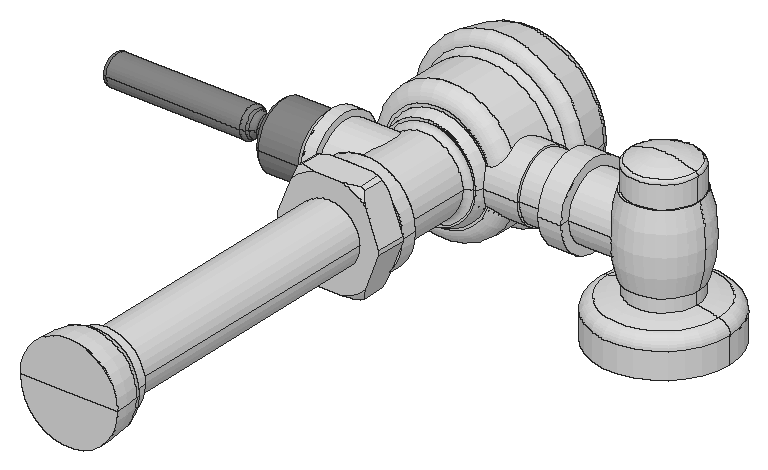
Revit family "Plumbing-Valves-Sloan-ROYAL-111z1", category Plumbing Fixtures, host Face, Revit 2019
Family settings
  Host = Face
  Round Connector Dimension = Use Diameter
  Part Type = Normal
  OmniClass Number = 23.45.05.14.99
  OmniClass Title = Other Sanitary Washing Plumbing Fixtures
  Cut with Voids When Loaded = No
  Shared = No
  Room Calculation Point = No
Parameters (values of type "Not a Type - Load Type Catalog!")
  Water Inlet Connection Diameter = 1"  # constant formula
  Waste Connection = no
  WFU = 0
  Vent Connection = no
  Valve Pressure Drop = 0.00 psi
  URL = "www.sloanvalve.com"
  Product data url = "https://www.bimobject.com/sloan_valve/product/flushometers_royal-111"
  Product Material = Sloan Valve - Finish - Polished Chrome
  Product Guid = ""
  Part Number = ""
  Operating Water Pressure = "15 – 80 PSI (103 – 552 kPa)"  # constant formula
  Model = "Model not specified - Load type catalog!"
  Manufacturer = "Sloan Valve"  # constant formula
  Keynote = "15410"
  Height = 14"  # constant formula
  HWFU = 0
  HW Connection = no
  Flush Rate = "1.6/1.1 gpf (6.0/4.2 Lpf)"
  Edition number = 1
  Description = ""
  Default Elevation = 0"
  Centerline of Supply to Centerline of Valve = 4 3/4"  # constant formula
  Centerline of Supply from Top of Fixture = 11 1/2"  # constant formula
  CWFU = 0
  CW Connection = yes
  Assembly Code = "D2020300"
Reference planes (in)
  plane 1 "Center (Front/Back)": y = 0
  plane 2: z = 0
  plane 3 "Center (Left/Right)": x = 0
  plane 4: x = 4.75
  plane 5: y = -11.5
Dimensions and locks (in)
  "Centerline of Supply to Centerline of Valve": plane 3 "Center (Left/Right)" to plane 4
  aligned and locked: plane 2 to host face
  aligned and locked: level to host face
  aligned and locked: plane 3 "Center (Left/Right)" to nested 1
Automatic sketch dimensions
  host sketch curve to host sketch curve = 96"  (x2)
Nested families (in)
  nested 1: "Geometry" at (0, -11.5, 0) x (1, 0, 0) z (0, 1, 0), type "Geometry"
Connectors (in)
  piping at (4.75, 0, 0), diameter 1, driven by "Water Inlet Connection Diameter", driven by "CWFU", driven by "Valve Pressure Drop"
    settings: on nested 1, index 2, connector inside diameter 24", connector length 0", flow factor 0, pipe flow 0 GPM, pressure drop 0.00 psi, fitting loss kfactor 0, connector angle 0.00°, fixture units 0, engagement length 0", angle of deflection 0.00°, flow configuration 3, flow direction 1, fitting loss method 4, system type 20, joint type 0, gender type 0, connector reference index -1, connector utility 0, adjustable connector no, is connector primary yes, connector description "Water Inlet Connection"
Definition of nested family "Geometry"
  Parameters (values of type "Geometry")
    URL = ""
    Product Material = none
    Model = ""
    Manufacturer = ""
    Keynote = ""
    Description = ""
    Default Elevation = 0"
    Assembly Code = ""
  Reference planes (in)
    plane 1 "Center (Front/Back)": y = 0
    plane 2: z = 0
    plane 3 "Center (Left/Right)": x = 0
    plane 4: x = 4.75
    plane 5: y = -2.25
    plane 6: z = 11.5
  Forms (in)
    Extrusion 1, solid
      sketch origin (0, 0, 0) x (1, 0, 0) y (0, 1, 0)
        loop
          line (-48, 48) -> (-48, -48) -> (48, -48) -> (48, 48) -> (-48, 48)
      from 0 to -12
    Extrusion 2, solid, not visible
      sketch origin (0, 0, 0) x (1, 0, 0) y (0, 0, 1)
        loop
          circle (4.75, 11.5) r 1
      from 0.07956 to 0
    Revolve 3, solid, material <- "Product Material"
      sketch origin (2.87566, -6, 11.5) x (0, -1, 0) y (1, 0, 0)
        loop
          line (-6, 1.87434) -> (-6, 0.31986) -> (-5.38855, 0.31986)
          arc (-5.38855, 0.31986) -> (-5.19724, 0.39139) -> (-5.09978, 0.57088) r 0.29161
          arc (-5.09978, 0.57088) -> (-5.03831, 0.82661) -> (-5.00554, 1.08757) r 2.37095
          line (-5.00554, 1.08757) -> (-4.6752, 1.08757) -> (-4.6752, 1.02852)
          arc (-4.6752, 1.02852) -> (-3.75, 0.8743) -> (-2.8248, 1.02852) r 2.85227
          line (-2.8248, 1.02852) -> (-2.8248, 1.06789) -> (-2.30914, 1.06789)
          arc (-2.30914, 1.06789) -> (-2.25773, 1.08326) -> (-2.22321, 1.12434) r 0.09363
          arc (-2.22321, 1.12434) -> (-2.09611, 1.48981) -> (-2.05303, 1.87434) r 1.73773
          line (-2.05303, 1.87434) -> (-6, 1.87434)
        axis (-6, 1.87434) -> (-2.05303, 1.87434)
      angle from 0 to 360
    Revolve 4, solid, material <- "Product Material"
      sketch origin (-6.95658, -2.25, 142.48031) x (1, 0, 0) y (0, 0, 1)
        loop
          arc (8.09831, -142.48031) -> (8.08758, -142.15646) -> (8.04191, -141.83566) r 2.99497
          arc (8.04191, -141.83566) -> (7.98413, -141.71305) -> (7.86182, -141.65462) r 0.20189
          line (7.86182, -141.65462) -> (7.86182, -141.37914) -> (7.67533, -141.37914) -> (7.67533, -134.86351) -> (6.95658, -134.86351) -> (6.95658, -142.48031) -> (8.09831, -142.48031)
        loop
          line (6.95658, -133.81012) -> (7.86209, -133.81012) -> (7.86209, -132.071)
          arc (7.86209, -132.071) -> (7.90326, -131.97161) -> (8.00266, -131.93044) r 0.14057
          line (8.00266, -131.93044) -> (8.05894, -131.93044)
          arc (8.05894, -131.93044) -> (8.11858, -131.79902) -> (8.15737, -131.66002) r 0.93862
          line (8.15737, -131.66002) -> (8.22206, -131.66002)
          arc (8.22206, -131.66002) -> (8.4762, -131.55475) -> (8.58147, -131.30061) r 0.35941
          line (8.58147, -131.30061) -> (8.58147, -130.26424)
          arc (8.58147, -130.26424) -> (8.61171, -130.1454) -> (8.68331, -130.04584) r 0.32943
          arc (8.68331, -130.04584) -> (8.86833, -129.96921) -> (8.94497, -129.78419) r 0.26166
          line (8.94497, -129.78419) -> (8.79543, -129.08066)
          arc (8.79543, -129.08066) -> (8.71339, -128.94679) -> (8.56539, -128.89438) r 0.23518
          arc (8.56539, -128.89438) -> (8.33198, -128.87377) -> (8.09831, -128.85636) r 17.15253
          line (8.09831, -128.85636) -> (8.09831, -128.58915) -> (7.70461, -128.58915) -> (7.64556, -128.47104) -> (6.95658, -128.47104) -> (6.95658, -133.81012)
        axis (6.95658, -142.48031) -> (6.95658, -128.47104)
      angle from 0 to 360
    Revolve 5, solid
      sketch origin (-6.95658, -2.25, 142.48031) x (1, 0, 0) y (0, 0, 1)
        loop
          line (5, -132.48031) -> (5, -131.7126) -> (4.0171, -131.7126)
          arc (4.0171, -131.7126) -> (3.92793, -131.78226) -> (3.85827, -131.87143) r 0.46405
          line (3.85827, -131.87143) -> (3.85827, -132.06828)
          arc (3.85827, -132.06828) -> (3.70972, -132.11345) -> (3.58268, -132.2027) r 0.49152
          arc (3.58268, -132.2027) -> (3.48425, -132.24264) -> (3.38583, -132.2027) r 0.14124
          line (3.38583, -132.2027) -> (3.35236, -132.16923)
          arc (3.35236, -132.16923) -> (3.3041, -132.13698) -> (3.24717, -132.12566) r 0.14875
          line (3.24717, -132.12566) -> (0.11476, -132.12566)
          arc (0.11476, -132.12566) -> (0.03361, -132.15927) -> (0, -132.24042) r 0.11476
          line (0, -132.24042) -> (0, -132.48031) -> (5, -132.48031)
        axis (5, -132.48031) -> (0, -132.48031)
      angle from 0 to 360
    Revolve 6, solid, material <- "Product Material"
      sketch origin (-6.95658, -2.25, 142.48031) x (1, 0, 0) y (0, 0, 1)
        loop
          line (5, -132.48031) -> (6.93793, -132.48031) -> (6.93793, -131.65943) -> (5.43793, -131.65943) -> (5.43793, -131.51995) -> (5.15693, -131.51995)
          arc (5.15693, -131.51995) -> (5.07114, -131.58245) -> (5, -131.66123) r 0.5144
          line (5, -131.66123) -> (5, -132.48031)
        axis (6.93793, -132.48031) -> (5, -132.48031)
      angle from 0 to 360
    Revolve 7, solid, material <- "Product Material"
      sketch origin (-6.95658, -2.25, 142.48031) x (1, 0, 0) y (0, 0, 1)
        loop
          line (10.08152, -130.2126) -> (10.08152, -129.99606) -> (9.55027, -129.99606) -> (9.55027, -130.2126) -> (8.927, -130.2126) -> (8.927, -130.17323) -> (6.95658, -130.17323) -> (6.95658, -130.98031) -> (11.70658, -130.98031) -> (11.70658, -130.2126) -> (10.08152, -130.2126)
        axis (6.95658, -130.98031) -> (11.70658, -130.98031)
      angle from 0 to 360
  Lines and regions (in)
    Masking region 1
      outline origin (0, 0, 0) x (1, 0, 0) y (0, 1, 0)
        loop
          line (6.30453, 0) -> (3.19547, 0) -> (3.19547, -0.60176)
          arc (3.19547, -0.60176) -> (3.27619, -0.78833) -> (3.4459, -0.90022) r 0.3557
          arc (3.4459, -0.90022) -> (3.7016, -0.962) -> (3.9626, -0.99481) r 2.34951
          line (3.9626, -0.99481) -> (3.9626, -1.3248) -> (3.90354, -1.3248)
          arc (3.90354, -1.3248) -> (3.87677, -1.40444) -> (3.85241, -1.48484) r 2.77845
          line (3.85241, -1.48484) -> (3.12437, -1.48484) -> (3.12437, -1.26142) -> (2.59312, -1.26142) -> (2.59312, -1.44004) -> (1.81594, -1.44004)
          arc (1.81594, -1.44004) -> (0.08397, -0.26339) -> (-1.74112, -1.2897) r 1.98839
          line (-1.74112, -1.2897) -> (-1.79975, -1.2897)
          arc (-1.79975, -1.2897) -> (-1.88585, -1.35177) -> (-1.95658, -1.43091) r 0.49065
          line (-1.95658, -1.43091) -> (-1.95658, -1.48228) -> (-2.93948, -1.48228)
          arc (-2.93948, -1.48228) -> (-3.02916, -1.55144) -> (-3.09831, -1.64112) r 0.44191
          line (-3.09831, -1.64112) -> (-3.09831, -1.83797)
          arc (-3.09831, -1.83797) -> (-3.24623, -1.8825) -> (-3.37186, -1.97238) r 0.47212
          arc (-3.37186, -1.97238) -> (-3.47131, -2.01358) -> (-3.57076, -1.97238) r 0.14064
          line (-3.57076, -1.97238) -> (-3.60102, -1.94212)
          arc (-3.60102, -1.94212) -> (-3.6522, -1.90792) -> (-3.71256, -1.89592) r 0.15774
          line (-3.71256, -1.89592) -> (-6.83954, -1.89592)
          arc (-6.83954, -1.89592) -> (-6.92313, -1.92067) -> (-6.95928, -2) r 0.10511
          line (-6.95928, -2) -> (-6.95928, -2.25) -> (-6.95928, -2.5)
          arc (-6.95928, -2.5) -> (-6.92313, -2.57933) -> (-6.83954, -2.60408) r 0.10511
          line (-6.83954, -2.60408) -> (-3.71256, -2.60408)
          arc (-3.71256, -2.60408) -> (-3.6522, -2.59208) -> (-3.60102, -2.55788) r 0.15774
          line (-3.60102, -2.55788) -> (-3.57076, -2.52762)
          arc (-3.57076, -2.52762) -> (-3.47131, -2.48642) -> (-3.37186, -2.52762) r 0.14064
          arc (-3.37186, -2.52762) -> (-3.24623, -2.6175) -> (-3.09831, -2.66203) r 0.47212
          line (-3.09831, -2.66203) -> (-3.09831, -2.85888)
          arc (-3.09831, -2.85888) -> (-3.02916, -2.94856) -> (-2.93948, -3.01772) r 0.44191
          line (-2.93948, -3.01772) -> (-1.95658, -3.01772) -> (-1.95658, -3.06909)
          arc (-1.95658, -3.06909) -> (-1.88585, -3.14823) -> (-1.79975, -3.2103) r 0.49065
          line (-1.79975, -3.2103) -> (-1.74112, -3.2103)
          arc (-1.74112, -3.2103) -> (0.08402, -4.23661) -> (1.81598, -3.05987) r 1.98839
          line (1.81598, -3.05987) -> (2.59312, -3.05987) -> (2.59312, -3.23579) -> (3.12437, -3.23579) -> (3.12437, -3.01791) -> (3.8532, -3.01791)
          arc (3.8532, -3.01791) -> (3.8772, -3.09693) -> (3.90354, -3.1752) r 2.77845
          line (3.90354, -3.1752) -> (3.94291, -3.1752) -> (3.94291, -3.6752)
          arc (3.94291, -3.6752) -> (3.95934, -3.74449) -> (4.00511, -3.79904) r 0.1544
          arc (4.00511, -3.79904) -> (4.75, -3.97483) -> (5.49489, -3.79904) r 1.66617
          arc (5.49489, -3.79904) -> (5.54066, -3.74449) -> (5.55709, -3.6752) r 0.1544
          line (5.55709, -3.6752) -> (5.55709, -3.1752) -> (5.59646, -3.1752)
          arc (5.59646, -3.1752) -> (5.75502, -2.25) -> (5.59646, -1.3248) r 2.77845
          line (5.59646, -1.3248) -> (5.5374, -1.3248) -> (5.5374, -0.99481)
          arc (5.5374, -0.99481) -> (5.7984, -0.962) -> (6.0541, -0.90022) r 2.34951
          arc (6.0541, -0.90022) -> (6.22381, -0.78833) -> (6.30453, -0.60176) r 0.3557
          line (6.30453, -0.60176) -> (6.30453, 0)
    symbolic lines, detail levels medium+fine
      curve 1: line (5.59646, -3.1752, 0) -> (3.90354, -3.1752, 0)
      curve 2: line (5.59646, -1.3248, 0) -> (3.90354, -1.3248, 0)
      curve 3: line (3.9594, -1.00041, 0) -> (5.54725, -1.00041, 0)
      curve 4: line (3.12494, -1.29358, 0) -> (3.12494, -2.25, 0)
      curve 5: line (3.12494, -2.25, 0) -> (3.12494, -3.20642, 0)
      curve 6: line (2.59369, -1.29358, 0) -> (2.59369, -2.25, 0)
      curve 7: line (2.59369, -2.25, 0) -> (2.59369, -3.20642, 0)
      curve 8: line (-2.93948, -1.48228, 0) -> (-2.93948, -3.01772, 0)
      curve 9: line (-1.95658, -1.43091, 0) -> (-1.95658, -1.89578, 0)
      curve 10: line (-1.95658, -3.01772, 0) -> (-1.95658, -2.60422, 0)
      curve 11: line (-3.09831, -1.83797, 0) -> (-3.09831, -2.66203, 0)
      curve 16: arc (0.68898, -2.25, 0) -> (0, -1.56102, 0) -> (-0.68898, -2.25, 0) r 0.68898
      curve 17: arc (-0.68898, -2.25, 0) -> (0, -2.93898, 0) -> (0.68898, -2.25, 0) r 0.68898
      curve 19: arc (-1.74112, -1.2897, 0) -> (-1.98839, -2.25, 0) -> (-1.74112, -3.2103, 0) r 1.98839
      curve 20: arc (1.81594, -1.44004, 0) -> (1.98839, -2.25, 0) -> (1.81594, -3.05996, 0) r 1.98839
    symbolic lines, detail levels fine
      curve 12: arc (1.14173, -2.25, 0) -> (0, -1.10827, 0) -> (-1.14173, -2.25, 0) r 1.14173
      curve 13: arc (-1.14173, -2.25, 0) -> (0, -3.39173, 0) -> (1.14173, -2.25, 0) r 1.14173
      curve 14: arc (0.74803, -2.25, 0) -> (0, -1.50197, 0) -> (-0.74803, -2.25, 0) r 0.74803
      curve 15: arc (-0.74803, -2.25, 0) -> (0, -2.99803, 0) -> (0.74803, -2.25, 0) r 0.74803
      curve 18: circle (0, -2.25, 0) r 1.60881 normal (0, 0, 1)
  Dimensions and locks (in)
    Extrusion 2 sketch curve to plane 2 = 11 1/2"
    Extrusion 2 sketch curve to plane 3 "Center (Left/Right)" = 4 3/4"
    plane 3 "Center (Left/Right)" to plane 4 = 4 3/4"
    plane 6 to plane 2 = 11 1/2"
    aligned and locked: plane 2 to Extrusion 1
    aligned and locked: level to Extrusion 1
    aligned and locked: Extrusion 2 to plane 1 "Center (Front/Back)"
  Nested families (in)
    nested 1: "Royal Adapter" at (0, -2.25, 7.6168) x (-1, 0, 0) z (0, 0, 1), type "Optima Adapter"
  Connectors (in)
    piping at (4.75, 0, 11.5), diameter 1
      settings: on Extrusion 2, index 1, connector inside diameter 24", connector length 0", flow factor 0, pipe flow 0 GPM, pressure drop 0.00 psi, fitting loss kfactor 0, connector angle 0.00°, fixture units 0, engagement length 0", angle of deflection 0.00°, flow configuration 3, flow direction 1, fitting loss method 4, system type 20, joint type 0, gender type 0, connector reference index -1, connector utility 0, adjustable connector no, is connector primary yes, connector description "Water Inlet Connection"
  Definition of nested family "Royal Adapter"
    Parameters
      Flushometer Body = none
      Assembly Code = ""
    Reference planes (in)
      plane 1 "Center (Front/Back)": y = 0
      plane 2 "Bottom": z = 0
      plane 3 "Center (Left/Right)": x = 0
      plane 4: z = 0.6875
      plane 5: z = 0
      plane 6 "Top": z = 1.15625
      plane 7: x = -1.00394
      plane 8: x = 1.00394
      plane 9: y = 1.00394
      plane 10: y = -1.00394
      plane 11: x = -0.90551
      plane 12: x = 0.90551
      plane 13: y = 0.90551
      plane 14: y = -0.90551
    Forms (in)
      Blend 1, solid, material <- "Flushometer Body"
        base sketch origin (0, 0, 0.7874) x (1, 0, 0) y (0, 1, 0)
          loop
            circle (0, 0) r 1.1811
        top sketch origin (0, 0, 0.7874) x (1, 0, 0) y (0, 1, 0)
          loop
            circle (0, 0) r 0.8673
        from 0.26599 to 0.36885
      Extrusion 2, solid, material <- "Flushometer Body"
        sketch origin (3.5659, 28.25, -0.28276) x (1, 0, 0) y (0, 1, 0)
          loop
            line (-2.79667, -29.38337) -> (-2.3784, -28.30413) -> (-2.3784, -28.19587) -> (-2.79667, -27.11663) -> (-2.89042, -27.0625) -> (-4.24137, -27.0625) -> (-4.33512, -27.11663) -> (-4.7534, -28.19587) -> (-4.7534, -28.30413) -> (-4.33512, -29.38337) -> (-4.24137, -29.4375) -> (-2.89042, -29.4375) -> (-2.79667, -29.38337)
        from 0.28276 to 0.97026
      Revolve 3, solid, material <- "Flushometer Body"
        sketch origin (0, 0, -6.85938) x (1, 0, 0) y (0, 0, 1)
          loop
            line (-1.1875, 7.91276) -> (-1.1875, 7.54688) -> (0, 7.54688) -> (0, 7.91276) -> (-1.1875, 7.91276)
          axis (0, 7.54688) -> (0, 7.91276)
        angle from 0 to 360
      Sweep 4, void
        path origin (-6.04882, -180, 0.6875) x (-1, 0, 0) y (0, -1, 0)
          loop
            circle (-6.04882, -180) r 1.08978
        profile origin (0, -1.08978, 0.6875) x (0, 1, 0) y (0, 0, 1)
          loop
            line (0.07741, 0.05661) -> (-0.42957, 0.05661) -> (-0.42957, -0.31393)
            arc (-0.42957, -0.31393) -> (-0.23088, -0.05368) -> (0.07741, 0.05661) r 0.5772
          loop
            arc (0.07741, -0.74411) -> (-0.23088, -0.63382) -> (-0.42957, -0.37357) r 0.5772
            line (-0.42957, -0.37357) -> (-0.42957, -0.74411) -> (0.07741, -0.74411)
    Cuts and joins
      Sweep 4 cuts Extrusion 2
    Dimensions and locks (in)
      locked: plane 6 "Top" to plane 4 at 0.46875
      locked: plane 4 to plane 5 at 0.6875
      locked: plane 8 to plane 7 at 2.00787
      locked: plane 11 to plane 12 at 1.81102
      locked: plane 9 to plane 10 at 2.00787
      locked: plane 13 to plane 14 at 1.81102
      Extrusion 2 sketch curve to Extrusion 2 sketch curve = 2 3/8"
      locked: Extrusion 2 sketch curve to Extrusion 2 sketch curve at 2.375  (x2)
      aligned and locked: level to plane 2 "Bottom"
      aligned and locked: plane 2 "Bottom" to plane 5
      aligned and locked: Blend 1 to plane 6 "Top"
      aligned and locked: Revolve 3 sketch curve to Blend 1
      aligned and locked: plane 4 to Revolve 3 sketch curve
      aligned and locked: plane 3 "Center (Left/Right)" to Revolve 3 sketch curve
      aligned and locked: Revolve 3 sketch curve to Revolve 3 sketch curve
      aligned and locked: plane 4 to Extrusion 2
      aligned and locked: Extrusion 2 to level
